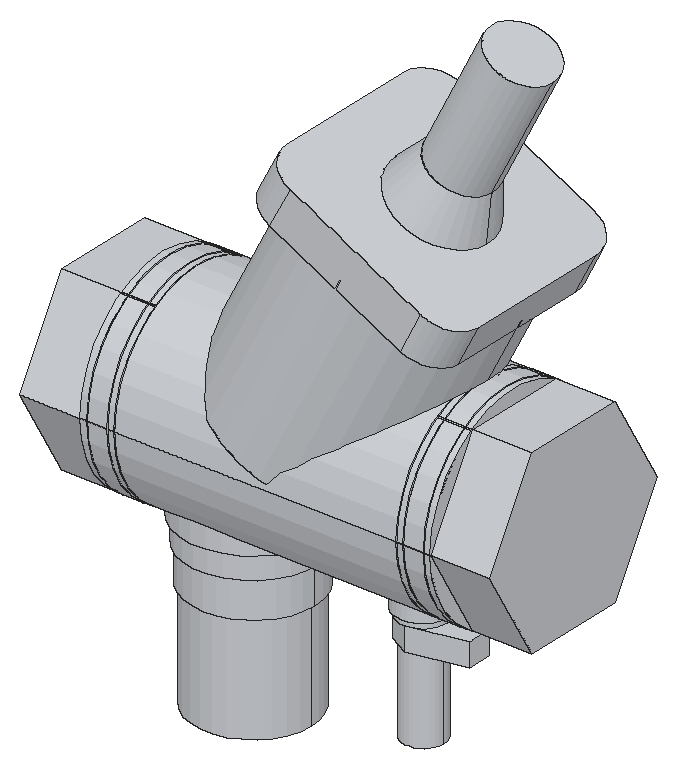
Revit family "Sigma_Compact_DN040_s vyp_RFA_2019", category Pipe Accessories, Revit 2019
Family settings
  Round Connector Dimension = Use Diameter
  Part Type = Valve - Breaks Into
  Work Plane-Based = No
  Always vertical = Yes
  Cut with Voids When Loaded = No
  Shared = No
Parameters (values of type "Sigma Compact DN 40 s vypouštěním")
  magiProductId = "ead7fbe154ec4086ae4626bbcbe652"
  magiProductFamilyId = "2dc1766e7e3844cdb739145bbea09c"
  magiPartTypeId = 304
  isMeasuringValve [instance] = no
  ang2D [instance] = 0.00°
  Z6 = 39.3 mm
  Z5 = 91.7 mm
  Z4 = 78.6 mm
  Z3 = 13.1 mm
  Z2 = 65.5 mm
  XR2 = 37.5 mm
  XR1 = 25.5 mm
  W2D = 32 mm
  VersionID = "2.0/2018.12.13.2/FRESE_SIGMA_PLUG_Q13_001"
  Use Minimum Symbol Size [instance] = no
  URL = "www.hydronic.cz"
  Type Comments = "závitový; vnitřní závit; PN25; max dp=400kPa; -10~+120°C; max uzavírací tlak 1MPa"
  R4 = 15 mm
  R3 = 10 mm
  R2 = 30.5 mm
  R1 = 31.5 mm
  QmdConnectorList = "301;D;302;D"
  Productdata [instance] = ""
  NL__ve = -NL  # -27.6 mm
  NL = 27.6 mm
  Manufacturer = "Hydronic Systems Prague s.r.o."
  MC Use Limits From Balancing Method = no
  MC Throttling Minimum Value = 0
  MC Throttling Maximum Value = 0
  MC Product Code = "53-2226 DN40 FF s měřením a vypouštěním; (719-7400 l/h); kvs=18,0"
  MC Pressure Drop Minimum Value = 0.0 Pa
  MC Pressure Drop Maximum Value = 0.0 Pa
  MC Piping Given Pressure Drop [instance] = 0.0 Pa
  M5 = 51.4 mm
  M4 = 49.4 mm
  M3 = 43.4 mm
  M2 = 41.4 mm
  LP = 69 mm
  LM = 82.8 mm
  LL__ve = -LL  # -7 mm
  LLT__ve = -LLT  # -24 mm
  LLT = 24 mm
  LLL = 11 mm
  LL3 = 54 mm
  LL2 = 45 mm
  LL = 7 mm
  L3 = 25 mm
  L2D_Min = 30.48 mm
  L2D = 82.4 mm
  Description = "Automatický vyvažovací ventil"
  DR1 = yes
  DR0 = no
  DL2 = 79 mm
  D = 40 mm
  CenSd_R2_6 = R2 * cos(30.00°)  # 26.414 mm
  CAT0 = yes
  C0D1 = yes
  C0D0 = no
Types (3, lengths in mm): name | magiProductId | Z6 | Z5 | Z4 | Z3 | Z2 | NL__ve | NL | MC Product Code | M5 | M4 | M3 | M2 | LP | LM | LL__ve | LLT__ve | LLT | LL3 | LL2 | LL | DL2 | D
  Sigma Compact DN 32 s vypouštěním | "52c1318164f948b8bfa512d8a8b026" | 33 | 77 | 66 | 11 | 55 | -20.8 | 20.8 | "53-2225 DN32 FF s měřením a vypouštěním; (200-5000 l/h); kvs=10,9" | 41.2 | 39.2 | 33.2 | 31.2 | 52 | 62.4 | -6.8 | -22.6 | 22.6 | 52 | 43 | 6.8 | 77 | 32
  Sigma Compact DN 40 s vypouštěním | "ead7fbe154ec4086ae4626bbcbe652" | 39.3 | 91.7 | 78.6 | 13.1 | 65.5 | -27.6 | 27.6 | "53-2226 DN40 FF s měřením a vypouštěním; (719-7400 l/h); kvs=18,0" | 51.4 | 49.4 | 43.4 | 41.4 | 69 | 82.8 | -7 | -24 | 24 | 54 | 45 | 7 | 79 | 40
  Sigma Compact DN 50 s vypouštěním | "001ad4382b874bb9b8e1e8cf3b6430" | 39.3 | 91.7 | 78.6 | 13.1 | 65.5 | -27.6 | 27.6 | "53-2227 DN50 FF s měřením a vypouštěním; (900-10350 l/h); kvs=20,3" | 51.4 | 49.4 | 43.4 | 41.4 | 69 | 82.8 | -7.6 | -28.2 | 28.2 | 60 | 51 | 7.6 | 85 | 50
Reference planes
  plane 1 "Center (Front/Back)": y = 0
  plane 2 "XYPLANE": z = 0
  plane 3 "Center (Left/Right)": x = 0
  plane 4 "408": x = 69
  plane 5 "407": x = -69
  plane 6 "404": z = -47
  plane 7 "403": z = -54
  plane 8 "402": z = -79
  plane 9 "213": x = -25
  plane 10 "168": z = -20
  plane 11 "167": z = -22
  plane 12 "166": z = -29
  plane 13 "165": z = -36
  plane 14 "164": z = -38
  plane 15 "154": z = 0
  plane 16 "152": y = 0
  plane 17 "151": z = -45
  plane 18 "150": x = 25
  plane 19 "75": through (307.08, 0, 685.28) normal (0.891, 0, -0.454)
  plane 20 "74": x = 51.4
  plane 21 "73": x = 49.4
  plane 22 "72": x = 43.4
  plane 23 "71": x = 41.4
  plane 24 "70": x = -51.4
  plane 25 "69": x = -49.4
  plane 26 "68": x = -43.4
  plane 27 "67": y = 0
  plane 28 "66": through (-666.893, 0, 343.166) normal (0.454, 0, 0.891)
  plane 29 "65": x = -41.4
  plane 30 "64": through (335.147, 0, 670.979) normal (0.891, 0, -0.454)
  plane 31 "63": through (-638.519, 0, 398.854) normal (0.454, 0, 0.891)
  plane 32 "62": through (363.214, 0, 656.678) normal (0.891, 0, -0.454)
  plane 33 "61": y = 31.5
  plane 34 "60": y = -31.5
  plane 35 "59": through (-632.571, 0, 410.526) normal (0.454, 0, 0.891)
  plane 36 "58": through (-626.624, 0, 422.198) normal (0.454, 0, 0.891)
  plane 37 "56": x = 0
  plane 38 "55": through (-668.255, 0, 340.493) normal (0.454, 0, 0.891)
  plane 39 "102XY": through (-668.255, 0, 340.493) normal (0.454, 0, 0.891)
  plane 40 "102XZ": y = 0
  plane 41 "102YZ": through (340.493, 0, 668.255) normal (0.891, 0, -0.454)
Forms (mm)
  Extrusion 1, solid
    sketch origin (69, -750, 0) x (0, 1, 0) y (0, 0, 1)
      loop
        line (780.5, 0) -> (765.25, 26.414) -> (734.75, 26.414) -> (719.5, 0) -> (734.75, -26.414) -> (765.25, -26.414) -> (780.5, 0)
    from 0 to -27.6 <- "NL__ve"
  Extrusion 2, solid
    sketch origin (-69, -750, 0) x (0, 1, 0) y (0, 0, 1)
      loop
        line (719.5, 0) -> (734.75, -26.414) -> (765.25, -26.414) -> (780.5, 0) -> (765.25, 26.414) -> (734.75, 26.414) -> (719.5, 0)
    from 0 to 27.6 <- "NL"
  Extrusion 3, solid, visible <- "C0D1"
    sketch origin (-750, 0, -79) x (1, 0, 0) y (0, 1, 0)
      loop
        circle (725, 0) r 17.2
    from 0 to 50
  Extrusion 4, solid, visible <- "DR1"
    sketch origin (-750, 0, -47) x (1, 0, 0) y (0, 1, 0)
      loop
        line (725, -8) -> (731.928, -4) -> (731.928, 4) -> (725, 8) -> (707.872, 4) -> (707.872, -4) -> (725, -8)
    from 0 to -7 <- "LL__ve"
  Extrusion 5, solid, visible <- "DR1"
    sketch origin (-750, 0, -47) x (1, 0, 0) y (0, 1, 0)
      loop
        circle (725, 0) r 18.2
    from 0 to 11 <- "LLL"
  Extrusion 6, solid, visible <- "DR1"
    sketch origin (-750, 0, -36) x (1, 0, 0) y (0, 1, 0)
      loop
        circle (725, 0) r 19.2
    from 0 to 7 <- "LL"
  Extrusion 7, solid, visible <- "DR1"
    sketch origin (-750, 0, -29) x (1, 0, 0) y (0, 1, 0)
      loop
        circle (725, 0) r 20.2
    from 0 to 7 <- "LL"
  Blend 8, solid, visible <- "DR1"
    base sketch origin (-750, 0, -20) x (1, 0, 0) y (0, 1, 0)
      loop
        circle (725, 0) r 17.7
    top sketch origin (-750, 0, -20) x (1, 0, 0) y (0, 1, 0)
      loop
        circle (725, 0) r 20.2
    from 0 to -2
  Extrusion 9, solid, visible <- "DR1"
    sketch origin (-750, 0, 0) x (1, 0, 0) y (0, 1, 0)
      loop
        circle (725, 0) r 17.7
    from 0 to -24 <- "LLT__ve"
  Extrusion 10, solid, visible <- "C0D0"
    sketch origin (-750, 0, -45) x (1, 0, 0) y (0, 1, 0)
      loop
        circle (725, 0) r 16.2
    from 0 to -25
  Extrusion 11, solid, visible <- "DR0"
    sketch origin (-750, 0, -38) x (1, 0, 0) y (0, 1, 0)
      loop
        line (725, -7) -> (731.062, -3.5) -> (731.062, 3.5) -> (725, 7) -> (708.738, 3.5) -> (708.738, -3.5) -> (725, -7)
    from 0 to -7 <- "LL__ve"
  Extrusion 12, solid, visible <- "DR0"
    sketch origin (-750, 0, -38) x (1, 0, 0) y (0, 1, 0)
      loop
        circle (725, 0) r 17.2
    from 0 to 2
  Extrusion 13, solid, visible <- "DR0"
    sketch origin (-750, 0, -29) x (1, 0, 0) y (0, 1, 0)
      loop
        circle (725, 0) r 19.2
    from 0 to 7 <- "LL"
  Blend 14, solid, visible <- "DR0"
    base sketch origin (-750, 0, -20) x (1, 0, 0) y (0, 1, 0)
      loop
        circle (725, 0) r 16.7
    top sketch origin (-750, 0, -20) x (1, 0, 0) y (0, 1, 0)
      loop
        circle (725, 0) r 19.2
    from 0 to -2
  Extrusion 15, solid, visible <- "DR0"
    sketch origin (-750, 0, 0) x (1, 0, 0) y (0, 1, 0)
      loop
        circle (725, 0) r 16.7
    from 0 to -24 <- "LLT__ve"
  Extrusion 16, solid, visible <- "DR0"
    sketch origin (-750, 0, 0) x (1, 0, 0) y (0, 1, 0)
      loop
        circle (725, 0) r 16.7
    from 0 to -24 <- "LLT__ve"
  Blend 17, solid, visible <- "DR0"
    base sketch origin (-750, 0, -20) x (1, 0, 0) y (0, 1, 0)
      loop
        circle (725, 0) r 16.7
    top sketch origin (-750, 0, -20) x (1, 0, 0) y (0, 1, 0)
      loop
        circle (725, 0) r 19.2
    from 0 to -2
  Extrusion 18, solid, visible <- "DR0"
    sketch origin (-750, 0, -29) x (1, 0, 0) y (0, 1, 0)
      loop
        circle (725, 0) r 19.2
    from 0 to 7 <- "LL"
  Extrusion 19, solid, visible <- "DR0"
    sketch origin (-750, 0, -36) x (1, 0, 0) y (0, 1, 0)
      loop
        circle (725, 0) r 18.2
    from 0 to 7 <- "LL"
  Extrusion 20, solid, visible <- "DR0"
    sketch origin (-750, 0, -38) x (1, 0, 0) y (0, 1, 0)
      loop
        circle (725, 0) r 17.2
    from 0 to 2
  Extrusion 21, solid, visible <- "DR0"
    sketch origin (-750, 0, -38) x (1, 0, 0) y (0, 1, 0)
      loop
        line (725, -7) -> (731.062, -3.5) -> (731.062, 3.5) -> (725, 7) -> (708.738, 3.5) -> (708.738, -3.5) -> (725, -7)
    from 0 to -7 <- "LL__ve"
  Extrusion 22, solid, visible <- "C0D0"
    sketch origin (-750, 0, -45) x (1, 0, 0) y (0, 1, 0)
      loop
        circle (725, 0) r 16.2
    from 0 to -25
  Extrusion 23, solid, visible <- "CAT0"
    sketch origin (-750, 0, -45) x (1, 0, 0) y (0, 1, 0)
      loop
        circle (775, 0) r 6
    from 0 to -25
  Extrusion 24, solid
    sketch origin (-750, 0, -38) x (1, 0, 0) y (0, 1, 0)
      loop
        line (775, -7) -> (791.262, -3.5) -> (791.262, 3.5) -> (775, 7) -> (768.938, 3.5) -> (768.938, -3.5) -> (775, -7)
    from 0 to -7 <- "LL__ve"
  Extrusion 25, solid
    sketch origin (-750, 0, -38) x (1, 0, 0) y (0, 1, 0)
      loop
        circle (775, 0) r 7
    from 0 to 2
  Extrusion 26, solid
    sketch origin (-750, 0, -36) x (1, 0, 0) y (0, 1, 0)
      loop
        circle (775, 0) r 8
    from 0 to 7 <- "LL"
  Extrusion 27, solid
    sketch origin (-750, 0, -29) x (1, 0, 0) y (0, 1, 0)
      loop
        circle (775, 0) r 9
    from 0 to 7 <- "LL"
  Blend 28, solid
    base sketch origin (-750, 0, -20) x (1, 0, 0) y (0, 1, 0)
      loop
        circle (775, 0) r 6.5
    top sketch origin (-750, 0, -20) x (1, 0, 0) y (0, 1, 0)
      loop
        circle (775, 0) r 9
    from 0 to -2
  Extrusion 29, solid
    sketch origin (-750, 0, 0) x (1, 0, 0) y (0, 1, 0)
      loop
        circle (775, 0) r 6.5
    from 0 to -24 <- "LLT__ve"
  Blend 30, solid, visible <- "CAT0"
    base sketch origin (49.4, -750, 0) x (0, 1, 0) y (0, 0, 1)
      loop
        circle (750, 0) r 30.5
    top sketch origin (49.4, -750, 0) x (0, 1, 0) y (0, 0, 1)
      loop
        circle (750, 0) r 30.5
    from 0 to 2
  Extrusion 31, solid, visible <- "CAT0"
    sketch origin (43.4, -750, 0) x (0, 1, 0) y (0, 0, 1)
      loop
        circle (750, 0) r 30.5
    from 0 to 6
  Blend 32, solid, visible <- "CAT0"
    base sketch origin (41.4, -750, 0) x (0, 1, 0) y (0, 0, 1)
      loop
        circle (750, 0) r 30.5
    top sketch origin (41.4, -750, 0) x (0, 1, 0) y (0, 0, 1)
      loop
        circle (750, 0) r 30.5
    from 0 to 2
  Blend 33, solid, visible <- "CAT0"
    base sketch origin (-49.4, -750, 0) x (0, 1, 0) y (0, 0, 1)
      loop
        circle (750, 0) r 30.5
    top sketch origin (-49.4, -750, 0) x (0, 1, 0) y (0, 0, 1)
      loop
        circle (750, 0) r 30.5
    from 0 to -2
  Extrusion 34, solid, visible <- "CAT0"
    sketch origin (-49.4, -750, 0) x (0, 1, 0) y (0, 0, 1)
      loop
        circle (750, 0) r 30.5
    from 0 to 6
  Blend 35, solid, visible <- "CAT0"
    base sketch origin (-43.4, -750, 0) x (0, 1, 0) y (0, 0, 1)
      loop
        circle (750, 0) r 30.5
    top sketch origin (-43.4, -750, 0) x (0, 1, 0) y (0, 0, 1)
      loop
        circle (750, 0) r 30.5
    from 0 to 2
  Extrusion 36, solid, visible <- "CAT0"
    sketch origin (-41.4, -750, 0) x (0, 1, 0) y (0, 0, 1)
      loop
        circle (750, 0) r 30.5
    from 0 to 82.8 <- "LM"
  Extrusion 37, solid, visible <- "CAT0"
    sketch origin (-666.893, 0, 343.166) x (0.891007, 0, -0.45399) y (0, 1, 0)
      loop
        circle (744, 0) r 31.5
    from 0 to 65.5 <- "Z2"
  Extrusion 38, solid, visible <- "CAT0"
    sketch origin (-638.519, 0, 398.854) x (0.891007, 0, -0.45399) y (0, 1, 0)
      loop
        arc (722.5, 31.5) -> (715.429, 28.571) -> (712.5, 21.5) r 10
        line (712.5, 21.5) -> (712.5, -21.5)
        arc (712.5, -21.5) -> (715.429, -28.571) -> (722.5, -31.5) r 10
        line (722.5, -31.5) -> (765.5, -31.5)
        arc (765.5, -31.5) -> (772.571, -28.571) -> (775.5, -21.5) r 10
        line (775.5, -21.5) -> (775.5, 21.5)
        arc (775.5, 21.5) -> (772.571, 28.571) -> (765.5, 31.5) r 10
        line (765.5, 31.5) -> (722.5, 31.5)
    from 0 to 13.1 <- "Z3"
  Blend 39, solid, visible <- "CAT0"
    base sketch origin (-632.571, 0, 410.526) x (0.891007, 0, -0.45399) y (0, 1, 0)
      loop
        circle (744, 0) r 15
    top sketch origin (-632.571, 0, 410.526) x (0.891007, 0, -0.45399) y (0, 1, 0)
      loop
        circle (744, 0) r 10
    from 0 to 13.1
  Extrusion 40, solid, visible <- "CAT0"
    sketch origin (-626.624, 0, 422.198) x (0.891007, 0, -0.45399) y (0, 1, 0)
      loop
        circle (744, 0) r 10
    from 0 to 39.3 <- "Z6"
  Blend 41, solid, visible <- "CAT0"
    base sketch origin (-668.255, 0, 340.493) x (0.891007, 0, -0.45399) y (0, 1, 0)
      loop
        circle (744, 0) r 15
    top sketch origin (-668.255, 0, 340.493) x (0.891007, 0, -0.45399) y (0, 1, 0)
      loop
        circle (744, 0) r 31.5
    from 0 to 3
  Extrusion 42, solid, not visible
    sketch origin (-51.4, -750, 0) x (0, 1, 0) y (0, 0, 1)
      loop
        circle (750, 0) r 10
    from 0 to 10
  Extrusion 43, solid, not visible
    sketch origin (51.4, -750, 0) x (0, 1, 0) y (0, 0, 1)
      loop
        circle (750, 0) r 10
    from 0 to -10
Lines and regions (mm)
  reference lines, not visible
    curve 1: circle (2, 2, 0) r 1 normal (0, 0, 1)
  reference lines
    curve 2: line (69, 0, 0) -> (69, -7.625, 13.207)
    curve 3: line (69, 0, 0) -> (69, -15.25, 0)
    curve 4: line (69, 0, 0) -> (69, -7.625, -13.207)
    curve 5: line (-69, 0, 0) -> (-69, 7.625, 13.207)
    curve 6: line (-69, 0, 0) -> (-69, 15.25, 0)
    curve 7: line (-69, 0, 0) -> (-69, 7.625, -13.207)
Dimensions and locks
  plane 1 "Center (Front/Back)" to curve 1 = 2 mm
  "LP": plane 37 "56" to plane 4 "408"
  "LP": plane 37 "56" to plane 5 "407"
  "LL": plane 7 "403" to plane 6 "404"
  "LL3": plane 2 "XYPLANE" to plane 7 "403"
  "DL2": plane 2 "XYPLANE" to plane 8 "402"
  "L3": plane 3 "Center (Left/Right)" to plane 9 "213"
  locked: plane 11 "167" to plane 10 "168" at 2
  "LL": plane 12 "166" to plane 11 "167"
  "LL": plane 13 "165" to plane 12 "166"
  locked: plane 14 "164" to plane 13 "165" at 2
  "LL": plane 17 "151" to plane 14 "164"
  locked: plane 2 "XYPLANE" to plane 15 "154"
  locked: plane 1 "Center (Front/Back)" to plane 16 "152"
  "LL2": plane 2 "XYPLANE" to plane 17 "151"
  "L3": plane 3 "Center (Left/Right)" to plane 18 "150"
  "XR2": plane 41 "102YZ" to plane 19 "75"
  "M5": plane 3 "Center (Left/Right)" to plane 20 "74"
  "M4": plane 3 "Center (Left/Right)" to plane 21 "73"
  "M3": plane 3 "Center (Left/Right)" to plane 22 "72"
  "M2": plane 3 "Center (Left/Right)" to plane 23 "71"
  "M5": plane 3 "Center (Left/Right)" to plane 24 "70"
  "M4": plane 3 "Center (Left/Right)" to plane 25 "69"
  "M3": plane 3 "Center (Left/Right)" to plane 26 "68"
  locked: plane 16 "152" to plane 27 "67"
  locked: plane 39 "102XY" to plane 28 "66" at 3
  "M2": plane 3 "Center (Left/Right)" to plane 29 "65"
  locked: plane 41 "102YZ" to plane 30 "64" at 6
  "Z2": plane 39 "102XY" to plane 31 "63"
  "XR1": plane 41 "102YZ" to plane 32 "62"
  "R1": plane 16 "152" to plane 33 "61"
  "R1": plane 16 "152" to plane 34 "60"
  "Z4": plane 39 "102XY" to plane 35 "59"
  "Z5": plane 39 "102XY" to plane 36 "58"
  locked: plane 3 "Center (Left/Right)" to plane 37 "56"
  locked: plane 39 "102XY" to plane 38 "55"
  "CenSd_R2_6": curve 2 to Extrusion 1 sketch curve  (x2)
  "CenSd_R2_6": curve 3 to Extrusion 1 sketch curve  (x2)
  "CenSd_R2_6": curve 4 to Extrusion 1 sketch curve  (x2)
  Extrusion 1 sketch curve to Extrusion 1 sketch curve = 0 mm  (x12)
  "CenSd_R2_6": curve 5 to Extrusion 2 sketch curve  (x2)
  "CenSd_R2_6": curve 6 to Extrusion 2 sketch curve  (x2)
  "CenSd_R2_6": curve 7 to Extrusion 2 sketch curve  (x2)
  Extrusion 2 sketch curve to Extrusion 2 sketch curve = 0 mm  (x12)
  Extrusion 4 sketch curve to Extrusion 4 sketch curve = 0 mm  (x12)
  Extrusion 11 sketch curve to Extrusion 11 sketch curve = 0 mm  (x12)
  Extrusion 21 sketch curve to Extrusion 21 sketch curve = 0 mm  (x12)
  Extrusion 24 sketch curve to Extrusion 24 sketch curve = 0 mm  (x12)
  Extrusion 38 sketch curve to Extrusion 38 sketch curve = 0 mm  (x16)
  "R2": radius of Blend 30 sketch curve  (x2)
  "R2": radius of Extrusion 31 sketch curve
  "R2": radius of Blend 32 sketch curve  (x2)
  "R2": radius of Blend 33 sketch curve  (x2)
  "R2": radius of Extrusion 34 sketch curve
  "R2": radius of Blend 35 sketch curve  (x2)
  "R2": radius of Extrusion 36 sketch curve
  "R1": radius of Extrusion 37 sketch curve
  radius of Extrusion 38 sketch curve = 10 mm  (x4)
  "R3": radius of Blend 39 sketch curve
  "R4": radius of Blend 39 sketch curve
  "R3": radius of Extrusion 40 sketch curve
  "R1": radius of Blend 41 sketch curve
  locked: curve 3 to curve 2 (angle 60.00°)
  locked: curve 4 to curve 3 (angle 60.00°)
  locked: curve 4 to curve 2 (angle 120.00°)
  locked: curve 6 to curve 5 (angle 60.00°)
  locked: curve 7 to curve 6 (angle 60.00°)
  locked: curve 7 to curve 5 (angle 120.00°)
  aligned and locked: level to plane 2 "XYPLANE"
  aligned and locked: plane 15 "154" to curve 4
  aligned and locked: curve 4 to plane 16 "152"
  aligned and locked: plane 15 "154" to curve 7
  aligned and locked: curve 7 to plane 16 "152"
  aligned and locked: plane 9 "213" to Extrusion 3 sketch curve
  aligned and locked: plane 16 "152" to Extrusion 3 sketch curve
  aligned and locked: plane 9 "213" to Extrusion 5 sketch curve
  aligned and locked: plane 16 "152" to Extrusion 5 sketch curve
  aligned and locked: plane 9 "213" to Extrusion 6 sketch curve
  aligned and locked: plane 16 "152" to Extrusion 6 sketch curve
  aligned and locked: plane 9 "213" to Extrusion 7 sketch curve
  aligned and locked: plane 16 "152" to Extrusion 7 sketch curve
  aligned and locked: plane 9 "213" to Blend 8 sketch curve  (x2)
  aligned and locked: plane 16 "152" to Blend 8 sketch curve  (x2)
  aligned and locked: Blend 8 to plane 11 "167"
  aligned and locked: plane 9 "213" to Extrusion 9 sketch curve
  aligned and locked: plane 16 "152" to Extrusion 9 sketch curve
  aligned and locked: plane 9 "213" to Extrusion 10 sketch curve
  aligned and locked: plane 16 "152" to Extrusion 10 sketch curve
  aligned and locked: plane 9 "213" to Extrusion 12 sketch curve
  aligned and locked: plane 16 "152" to Extrusion 12 sketch curve
  aligned and locked: plane 9 "213" to Extrusion 13 sketch curve
  aligned and locked: plane 16 "152" to Extrusion 13 sketch curve
  aligned and locked: plane 9 "213" to Blend 14 sketch curve  (x2)
  aligned and locked: plane 16 "152" to Blend 14 sketch curve  (x2)
  aligned and locked: Blend 14 to plane 11 "167"
  aligned and locked: plane 9 "213" to Extrusion 15 sketch curve
  aligned and locked: plane 16 "152" to Extrusion 15 sketch curve
  aligned and locked: plane 9 "213" to Extrusion 16 sketch curve
  aligned and locked: plane 16 "152" to Extrusion 16 sketch curve
  aligned and locked: plane 9 "213" to Blend 17 sketch curve  (x2)
  aligned and locked: plane 16 "152" to Blend 17 sketch curve  (x2)
  aligned and locked: Blend 17 to plane 11 "167"
  aligned and locked: plane 9 "213" to Extrusion 18 sketch curve
  aligned and locked: plane 16 "152" to Extrusion 18 sketch curve
  aligned and locked: plane 9 "213" to Extrusion 19 sketch curve
  aligned and locked: plane 16 "152" to Extrusion 19 sketch curve
  aligned and locked: plane 9 "213" to Extrusion 20 sketch curve
  aligned and locked: plane 16 "152" to Extrusion 20 sketch curve
  aligned and locked: plane 9 "213" to Extrusion 22 sketch curve
  aligned and locked: plane 16 "152" to Extrusion 22 sketch curve
  aligned and locked: plane 16 "152" to Extrusion 23 sketch curve
  aligned and locked: plane 18 "150" to Extrusion 23 sketch curve
  aligned and locked: plane 16 "152" to Extrusion 25 sketch curve
  aligned and locked: plane 18 "150" to Extrusion 25 sketch curve
  aligned and locked: plane 16 "152" to Extrusion 26 sketch curve
  aligned and locked: plane 18 "150" to Extrusion 26 sketch curve
  aligned and locked: plane 16 "152" to Extrusion 27 sketch curve
  aligned and locked: plane 18 "150" to Extrusion 27 sketch curve
  aligned and locked: plane 16 "152" to Blend 28 sketch curve  (x2)
  aligned and locked: plane 18 "150" to Blend 28 sketch curve  (x2)
  aligned and locked: Blend 28 to plane 11 "167"
  aligned and locked: plane 16 "152" to Extrusion 29 sketch curve
  aligned and locked: plane 18 "150" to Extrusion 29 sketch curve
  aligned and locked: plane 15 "154" to Blend 30 sketch curve  (x2)
  aligned and locked: Blend 30 sketch curve to plane 16 "152"  (x2)
  aligned and locked: plane 20 "74" to Blend 30
  aligned and locked: plane 15 "154" to Extrusion 31 sketch curve
  aligned and locked: Extrusion 31 sketch curve to plane 16 "152"
  aligned and locked: plane 15 "154" to Blend 32 sketch curve  (x2)
  aligned and locked: Blend 32 sketch curve to plane 16 "152"  (x2)
  aligned and locked: plane 22 "72" to Blend 32
  aligned and locked: plane 15 "154" to Blend 33 sketch curve  (x2)
  aligned and locked: Blend 33 sketch curve to plane 16 "152"  (x2)
  aligned and locked: Blend 33 to plane 24 "70"
  aligned and locked: plane 15 "154" to Extrusion 34 sketch curve
  aligned and locked: Extrusion 34 sketch curve to plane 16 "152"
  aligned and locked: plane 15 "154" to Blend 35 sketch curve  (x2)
  aligned and locked: Blend 35 sketch curve to plane 16 "152"  (x2)
  aligned and locked: plane 29 "65" to Blend 35
  aligned and locked: plane 15 "154" to Extrusion 36 sketch curve
  aligned and locked: Extrusion 36 sketch curve to plane 16 "152"
  aligned and locked: plane 27 "67" to Extrusion 37 sketch curve
  aligned and locked: Extrusion 37 sketch curve to plane 30 "64"
  aligned and locked: Extrusion 38 sketch curve to plane 19 "75"
  aligned and locked: Extrusion 38 sketch curve to plane 34 "60"
  aligned and locked: Extrusion 38 sketch curve to plane 32 "62"
  aligned and locked: plane 33 "61" to Extrusion 38 sketch curve
  aligned and locked: plane 27 "67" to Blend 39 sketch curve  (x2)
  aligned and locked: Blend 39 sketch curve to plane 30 "64"  (x2)
  aligned and locked: plane 36 "58" to Blend 39
  aligned and locked: plane 27 "67" to Extrusion 40 sketch curve
  aligned and locked: Extrusion 40 sketch curve to plane 30 "64"
  aligned and locked: plane 27 "67" to Blend 41 sketch curve  (x2)
  aligned and locked: Blend 41 sketch curve to plane 30 "64"  (x2)
  aligned and locked: plane 28 "66" to Blend 41
  aligned and locked: plane 15 "154" to Extrusion 42 sketch curve
  aligned and locked: Extrusion 42 sketch curve to plane 16 "152"
  aligned and locked: plane 15 "154" to Extrusion 43 sketch curve
  aligned and locked: Extrusion 43 sketch curve to plane 16 "152"
Automatic sketch dimensions
  Extrusion 3 sketch curve to plane 29 "65" = 0.8 mm
  Extrusion 4 sketch curve to plane 9 "213" = 0 mm  (x2)
  Extrusion 4 sketch curve to plane 29 "65" = 0.728 mm
  plane 9 "213" to Extrusion 4 sketch curve = 6.928 mm
  plane 1 "Center (Front/Back)" to Extrusion 4 sketch curve = 8 mm
  plane 1 "Center (Front/Back)" to Extrusion 4 sketch curve = 4 mm  (x2)
  Extrusion 4 sketch curve to plane 1 "Center (Front/Back)" = 4 mm  (x2)
  Extrusion 4 sketch curve to plane 1 "Center (Front/Back)" = 8 mm
  plane 26 "68" to Extrusion 5 sketch curve = 0.2 mm
  Extrusion 6 sketch curve to plane 26 "68" = 0.8 mm
  Extrusion 7 sketch curve to plane 26 "68" = 1.8 mm
  plane 26 "68" to Blend 8 sketch curve = 0.7 mm
  Blend 8 sketch curve to plane 26 "68" = 1.8 mm
  plane 26 "68" to Extrusion 9 sketch curve = 0.7 mm
  plane 29 "65" to Extrusion 10 sketch curve = 0.2 mm
  Extrusion 11 sketch curve to plane 9 "213" = 0 mm  (x2)
  plane 29 "65" to Extrusion 11 sketch curve = 0.138 mm
  plane 9 "213" to Extrusion 11 sketch curve = 6.062 mm
  plane 1 "Center (Front/Back)" to Extrusion 11 sketch curve = 7 mm
  plane 1 "Center (Front/Back)" to Extrusion 11 sketch curve = 3.5 mm  (x2)
  Extrusion 11 sketch curve to plane 1 "Center (Front/Back)" = 3.5 mm  (x2)
  Extrusion 11 sketch curve to Extrusion 11 sketch curve = 3.5 mm
  Extrusion 12 sketch curve to plane 29 "65" = 0.8 mm
  Extrusion 13 sketch curve to plane 26 "68" = 0.8 mm
  Blend 14 sketch curve to plane 29 "65" = 0.3 mm
  Blend 14 sketch curve to plane 26 "68" = 0.8 mm
  Extrusion 15 sketch curve to plane 29 "65" = 0.3 mm
  Extrusion 16 sketch curve to plane 29 "65" = 0.3 mm
  Blend 17 sketch curve to plane 29 "65" = 0.3 mm
  Blend 17 sketch curve to plane 26 "68" = 0.8 mm
  Extrusion 18 sketch curve to plane 26 "68" = 0.8 mm
  plane 26 "68" to Extrusion 19 sketch curve = 0.2 mm
  Extrusion 20 sketch curve to plane 29 "65" = 0.8 mm
  Extrusion 21 sketch curve to plane 9 "213" = 0 mm  (x2)
  plane 29 "65" to Extrusion 21 sketch curve = 0.138 mm
  plane 9 "213" to Extrusion 21 sketch curve = 6.062 mm
  plane 1 "Center (Front/Back)" to Extrusion 21 sketch curve = 7 mm
  plane 1 "Center (Front/Back)" to Extrusion 21 sketch curve = 3.5 mm  (x2)
  Extrusion 21 sketch curve to plane 1 "Center (Front/Back)" = 3.5 mm  (x2)
  Extrusion 21 sketch curve to Extrusion 21 sketch curve = 3.5 mm
  plane 29 "65" to Extrusion 22 sketch curve = 0.2 mm
  Extrusion 23 sketch curve to plane 18 "150" = 6 mm
  Extrusion 24 sketch curve to plane 18 "150" = 0 mm  (x2)
  Extrusion 24 sketch curve to plane 18 "150" = 6.062 mm
  Extrusion 24 sketch curve to plane 23 "71" = 0.138 mm
  plane 1 "Center (Front/Back)" to Extrusion 24 sketch curve = 7 mm
  plane 1 "Center (Front/Back)" to Extrusion 24 sketch curve = 3.5 mm  (x2)
  Extrusion 24 sketch curve to plane 1 "Center (Front/Back)" = 3.5 mm  (x2)
  Extrusion 24 sketch curve to Extrusion 24 sketch curve = 3.5 mm
  Extrusion 25 sketch curve to plane 18 "150" = 7 mm
  Extrusion 26 sketch curve to plane 18 "150" = 8 mm
  Extrusion 27 sketch curve to Extrusion 27 sketch curve = 9 mm
  Blend 28 sketch curve to plane 18 "150" = 6.5 mm
  Blend 28 sketch curve to Blend 28 sketch curve = 9 mm
  Extrusion 29 sketch curve to plane 18 "150" = 6.5 mm
  Blend 41 sketch curve to Blend 41 sketch curve = 15 mm
  plane 1 "Center (Front/Back)" to Extrusion 42 sketch curve = 10 mm
  plane 1 "Center (Front/Back)" to Extrusion 43 sketch curve = 10 mm
  plane 3 "Center (Left/Right)" to curve 1 = 2 mm
  radius of curve 1 = 1 mm
Connectors
  piping at (-51.4, 0, 0), diameter 40, driven by "D"
    settings: on Extrusion 42, index 1, connector inside diameter 609.6 mm, connector length 0 mm, flow factor 0, pipe flow 0.0 L/s, pressure drop 0.0 Pa, fitting loss kfactor 0, connector angle 0.00°, fixture units 0, engagement length 0 mm, angle of deflection 0.00°, flow configuration 0, flow direction 0, fitting loss method 0, system type 29, joint type 0, gender type 0, connector reference index 2, connector utility 0, adjustable connector no, is connector primary yes, connector description ""
  piping at (51.4, 0, 0), diameter 40, driven by "D"
    settings: on Extrusion 43, index 2, connector inside diameter 609.6 mm, connector length 0 mm, flow factor 0, pipe flow 0.0 L/s, pressure drop 0.0 Pa, fitting loss kfactor 0, connector angle 0.00°, fixture units 0, engagement length 0 mm, angle of deflection 0.00°, flow configuration 0, flow direction 0, fitting loss method 0, system type 29, joint type 0, gender type 0, connector reference index 1, connector utility 0, adjustable connector no, is connector primary no, connector description ""
